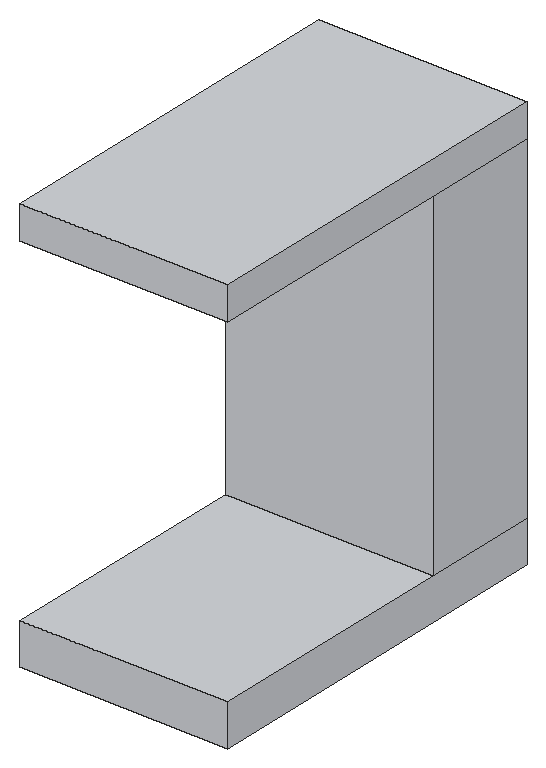
Revit family "kaffeemaschine", category Möbel, Revit 2021
Family settings
  Arbeitsebenenbasiert = Nein
  Immer vertikal = Ja
  Beim Laden mit Abzugskörper schneiden = Nein
  Gemeinsam genutzt = Nein
  Raumberechnungspunkt = Nein
Parameters (values of type "Kaffeemaschine gross")
  vorne_Freiraum [instance] = 310 mm
  Vorgabe-Ansicht = 0 mm
  Tiefe = 450 mm
  Höhe_Zwischenraum [instance] = 410 mm
  Höhe2_unten = 50 mm
  Höhe2_oben = 40 mm
  Höhe = 500 mm
  Breite = 250 mm
  B2_hinten = 140 mm
Types (3, lengths in mm): name | vorne_Freiraum | Tiefe | Höhe_Zwischenraum | Höhe2_unten | Höhe2_oben | Höhe | Breite
  (no name) | 310 | 450 | 410 | 50 | 40 | 500 | 250
  Kaffeemaschine klein | 260 | 400 | 330 | 40 | 30 | 400 | 200
  Kaffeemaschine gross | 310 | 450 | 410 | 50 | 40 | 500 | 250
Reference planes
  plane 1 "Mitte (Vorne/hinten)": y = 0
  plane 2: z = 0
  plane 3 "Mitte (Links/rechts)": x = 0
  plane 4 "links": x = -125
  plane 5 "rechts": x = 125
  plane 6 "vorne": y = -450
  plane 7 "oben": z = 500
  plane 8: z = 460
  plane 9: z = 50
  plane 10: y = -140
Forms (mm)
  Extrusion 1, solid
    sketch origin (0, 0, 0) x (1, 0, 0) y (0, 1, 0)
      loop
        line (-125, 0) -> (-125, -450) -> (125, -450) -> (125, 0) -> (-125, 0)
    from 0 to 50
  Extrusion 2, solid
    sketch origin (0, 0, 300) x (1, 0, 0) y (0, 1, 0)
      loop
        line (-125, 0) -> (-125, -450) -> (125, -450) -> (125, 0) -> (-125, 0)
    from 160 to 200
  Extrusion 3, solid
    sketch origin (0, 0, 0) x (1, 0, 0) y (0, 1, 0)
      loop
        line (-125, 0) -> (-125, -140) -> (125, -140) -> (125, 0) -> (-125, 0)
    from 50 to 460
Dimensions and locks
  "Breite": plane 4 "links" to plane 5 "rechts"
  "Höhe": plane 7 "oben" to plane 2
  equal spacing: plane 4 "links", plane 3 "Mitte (Links/rechts)", plane 5 "rechts"
  "Tiefe": plane 1 "Mitte (Vorne/hinten)" to plane 6 "vorne"
  "Höhe2_oben": plane 7 "oben" to plane 8
  "Höhe2_unten": plane 9 to plane 2
  "Höhe_Zwischenraum": plane 8 to plane 9
  "B2_hinten": plane 10 to plane 1 "Mitte (Vorne/hinten)"
  "vorne_Freiraum": plane 10 to plane 6 "vorne"
  aligned and locked: level to plane 2
  aligned and locked: plane 4 "links" to Extrusion 1 sketch curve
  aligned and locked: Extrusion 1 sketch curve to plane 5 "rechts"
  aligned and locked: plane 1 "Mitte (Vorne/hinten)" to Extrusion 1 sketch curve
  aligned and locked: plane 6 "vorne" to Extrusion 1 sketch curve
  aligned and locked: plane 9 to Extrusion 1
  aligned and locked: plane 7 "oben" to Extrusion 2
  aligned and locked: Extrusion 2 to plane 8
  aligned and locked: Extrusion 3 to plane 4 "links"
  aligned and locked: plane 5 "rechts" to Extrusion 3
  aligned and locked: Extrusion 3 to plane 10
  aligned and locked: Extrusion 3 to plane 1 "Mitte (Vorne/hinten)"
  aligned and locked: plane 8 to Extrusion 3
  aligned and locked: Extrusion 3 to plane 9
Automatic sketch dimensions
  Extrusion 2 sketch curve to plane 4 "links" = 0 mm
  Extrusion 2 sketch curve to plane 5 "rechts" = 0 mm
  Extrusion 2 sketch curve to plane 6 "vorne" = 0 mm
  plane 1 "Mitte (Vorne/hinten)" to Extrusion 2 sketch curve = 0 mm
  plane 4 "links" to Extrusion 3 sketch curve = 0 mm
  Extrusion 3 sketch curve to plane 5 "rechts" = 0 mm
  plane 10 to Extrusion 3 sketch curve = 0 mm
  plane 1 "Mitte (Vorne/hinten)" to Extrusion 3 sketch curve = 0 mm
